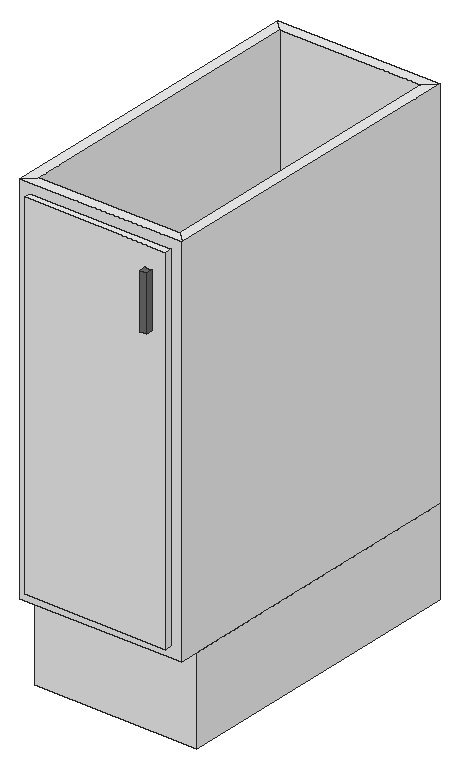
Revit family
Parameters (values of type "0300mm")
  Cabinet Material = none
  Depth = 600 mm
  Door/Drawer Material = none
  Handle Material = Cabinets - Handles
  Height = 860 mm
  Plinth Depth = 35 mm
  Plinth Height = 160 mm
  Width = 300 mm
Reference planes
  plane 1 "Back": y = 0
  plane 2: z = 0
  plane 3 "Center": x = 18.738
  plane 4 "Left": x = -131.262
  plane 5 "Right": x = 168.738
  plane 6 "Front": y = -600
  plane 7 "Top": z = 860
  plane 8: y = -565
  plane 9: z = 160
  plane 10: z = 840.95
  plane 11: z = 179.05
  plane 12: x = -112.212
  plane 13: x = 149.688
  plane 14: z = 802.85
  plane 15: z = 701.25
  plane 16: x = 124.288
  plane 17: x = 111.588
  plane 18: z = 510
Forms (mm)
  Extrusion 1, solid, material <- "Cabinet Material"
    sketch origin (0, 0, 0) x (1, 0, 0) y (0, 1, 0)
      loop
        line (-131.262, 0) -> (-131.262, -565) -> (168.738, -565) -> (168.738, 0) -> (-131.262, 0)
    from 0 to 160
  Sweep 2, solid, material <- "Cabinet Material"
    path origin (0, 0, 0) x (1, 0, 0) y (0, 1, 0)
      loop
        line (168.738, 0) -> (-131.262, 0) -> (-131.262, -600) -> (168.738, -600) -> (168.738, 0)
    profile origin (0, -300, 0) x (1, 0, 0) y (0, 0, 1)
      loop
        line (168.738, 160) -> (168.738, 860) -> (149.688, 860) -> (149.688, 160) -> (168.738, 160)
  Extrusion 3, solid, material <- "Cabinet Material"
    sketch origin (0, 0, 0) x (1, 0, 0) y (0, 1, 0)
      loop
        line (-112.212, -19.05) -> (-112.212, -580.95) -> (149.688, -580.95) -> (149.688, -19.05) -> (-112.212, -19.05)
    from 179.05 to 160
  Extrusion 4, solid, material <- "Door/Drawer Material"
    sketch origin (0, -600, 0) x (1, 0, 0) y (0, 0, 1)
      loop
        line (-112.212, 840.95) -> (-112.212, 179.05) -> (149.688, 179.05) -> (149.688, 840.95) -> (-112.212, 840.95)
    from 0 to 12.7
  Extrusion 5, solid, material "Cabinets - Handles" <- "Handle Material"
    sketch origin (0, -600, 0) x (1, 0, 0) y (0, 0, 1)
      loop
        line (111.588, 802.85) -> (111.588, 701.25) -> (124.288, 701.25) -> (124.288, 802.85) -> (111.588, 802.85)
    from 12.7 to 25.4
Lines and regions (mm)
  symbolic lines, style "Plan Rep - Below"
    curve 1: line (168.738, -600, 0) -> (-131.262, -600, 0)
    curve 2: line (168.738, 0, 0) -> (168.738, -600, 0)
    curve 3: line (-131.262, 0, 0) -> (168.738, 0, 0)
    curve 4: line (-131.262, -600, 0) -> (-131.262, 0, 0)
  model lines
    curve 5: line (-112.212, -600, 840.95) -> (149.688, -600, 840.95)
    curve 6: line (149.688, -600, 179.05) -> (-112.212, -600, 179.05)
    curve 7: line (149.688, -600, 840.95) -> (149.688, -600, 179.05)
    curve 8: line (-112.212, -600, 179.05) -> (-112.212, -600, 840.95)
    curve 9: line (111.588, -600, 802.85) -> (124.288, -600, 802.85)
    curve 10: line (111.588, -600, 701.25) -> (111.588, -600, 802.85)
    curve 11: line (124.288, -600, 701.25) -> (111.588, -600, 701.25)
    curve 12: line (124.288, -600, 802.85) -> (124.288, -600, 701.25)
  symbolic lines, style "Elevation Swing"
    curve 13: line (149.688, 0, 840.95) -> (-112.212, 0, 510)
    curve 14: line (-112.212, 0, 510) -> (149.688, 0, 179.05)
Dimensions and locks
  "Depth": plane 6 "Front" to plane 1 "Back"
  "Width": plane 4 "Left" to plane 5 "Right"
  equal spacing: plane 4 "Left", plane 3 "Center", plane 5 "Right"
  "Height": level to plane 7 "Top"
  "Plinth Height": plane 2 to plane 9
  "Plinth Depth": plane 6 "Front" to plane 8
  locked: plane 4 "Left" to plane 12 at 19.05
  locked: plane 13 to plane 5 "Right" at 19.05
  locked: plane 7 "Top" to plane 10 at 19.05
  locked: plane 11 to plane 9 at 19.05
  locked: plane 14 to plane 15 at 101.6
  plane 17 to plane 16 to plane 13 = 12.7 mm locked, 25.4 mm locked
  locked: plane 10 to plane 14 at 38.1
  equal spacing: plane 10, plane 18, plane 11
  aligned and locked: plane 1 "Back" to Extrusion 1 sketch curve
  aligned and locked: Extrusion 1 sketch curve to plane 5 "Right"
  aligned and locked: Extrusion 1 sketch curve to plane 8
  aligned and locked: plane 4 "Left" to Extrusion 1 sketch curve
  aligned and locked: Extrusion 1 to level
  aligned and locked: Sweep 2 sketch curve to plane 6 "Front"
  aligned and locked: plane 1 "Back" to Sweep 2 sketch curve
  aligned and locked: Sweep 2 sketch curve to plane 5 "Right"  (x2)
  aligned and locked: plane 4 "Left" to Sweep 2 sketch curve
  aligned and locked: plane 7 "Top" to Sweep 2 sketch curve
  aligned and locked: Sweep 2 sketch curve to plane 9
  aligned and locked: Sweep 2 to Extrusion 3 sketch curve  (x2)
  aligned and locked: Extrusion 3 sketch curve to Sweep 2  (x2)
  aligned and locked: Extrusion 3 to plane 11
  aligned and locked: plane 9 to Extrusion 3
  aligned and locked: Extrusion 1 to plane 9
Automatic sketch dimensions
  profile plane to Sweep 2 sketch curve = 19.05 mm
  curve 1 to plane 4 "Left" = 0 mm
  curve 3 to plane 1 "Back" = 0 mm
  curve 3 to plane 5 "Right" = 0 mm
  curve 1 to plane 6 "Front" = 0 mm
  Extrusion 4 sketch curve to plane 11 = 0 mm
  Extrusion 4 sketch curve to plane 12 = 0 mm
  Extrusion 4 sketch curve to plane 13 = 0 mm
  Extrusion 4 sketch curve to plane 10 = 0 mm
  Extrusion 5 sketch curve to plane 15 = 0 mm
  Extrusion 5 sketch curve to plane 17 = 0 mm
  Extrusion 5 sketch curve to plane 16 = 0 mm
  Extrusion 5 sketch curve to plane 14 = 0 mm
  curve 13 to plane 10 = 0 mm
  curve 13 to plane 13 = 0 mm
  curve 5 to plane 10 = 0 mm
  curve 5 to plane 13 = 0 mm
  curve 14 to plane 11 = 0 mm
  curve 14 to plane 13 = 0 mm
  curve 12 to plane 15 = 0 mm
  curve 12 to plane 16 = 0 mm
  curve 10 to plane 14 = 0 mm
  curve 10 to plane 17 = 0 mm
  curve 8 to plane 12 = 0 mm
  curve 14 to plane 12 = 0 mm
  curve 13 to plane 18 = 0 mm
  curve 6 to plane 11 = 0 mm
